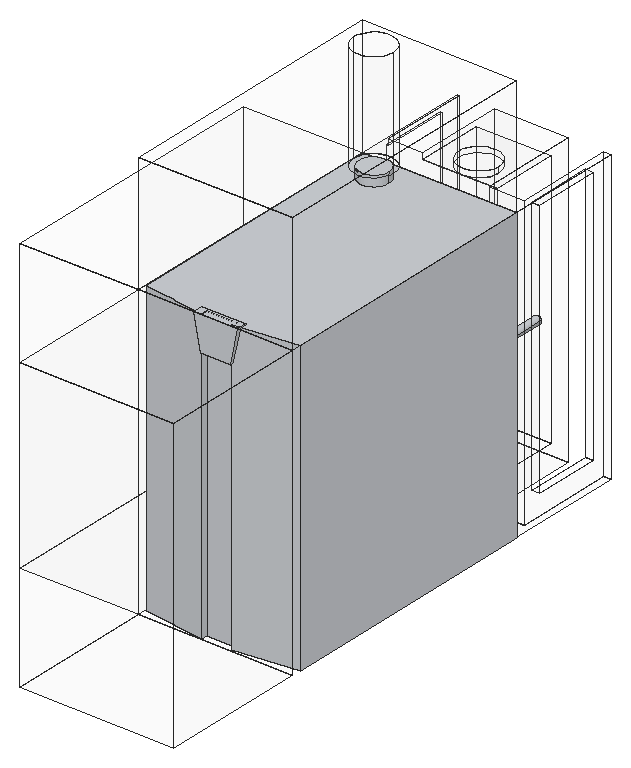
Revit family "Armor X2-2014", category Mechanical Equipment, Revit 2014
Parameters (values of type "AWN1500PM")
  WIDTH = 31"
  Total Amps-Heater and Pumps = "24.7"
  Voltage/Heater = "120"
  Voltage/Control = "24"
  URL = "http://www.lochinvar.com/products/Default.aspx?type=ProductLine&lineID=190"
  Total Amps = "5.5"
  RECOVERY (GPH) = "(based on temperature rise - see product data)"
  Model = "AWN1500PM"
  Manufacturer = "Lochinvar"
  MODEL NO. = "AWN1500PM"
  GALLON CAPACITY = "11.4"
  DEPTH = 56 1/2"
  INPUT RATE (BTUH) = "1,500,000"
  HEIGHT = 58 3/4"
  FUEL TYPE = "NATURAL GAS"
  Description = "ARMOR X2 CONDENSING WATER HEATER"
  Fuel Type = "Natural or LP"
  # of Electrical Connections = "1"
Types (4): name | Total Amps-Heater and Pumps | URL | Model | MODEL NO. | GALLON CAPACITY | DEPTH | INPUT RATE (BTUH)
  (no name) | "24.7" | "http://www.lochinvar.com/products/Default.aspx?type=ProductLine&lineID=190" | "AWN1500PM" | "AWN1500PM" | "11.4" | 56 1/2" | "1,500,000"
  AWN1000PM | "16.9" | "http://www.lochinvar.com/products/Default.aspx?type=ProductLine&lineID=190" | "AWN1000PM" | "AWN1000PM" | "8.4" | 48" | "999,999"
  AWN1300PM | "24.7" | "http://Lochinvar.com" | "AWN1300PM" | "AWN1300PM" | "10.0" | 52 1/4" | "1.300.000"
  AWN1500PM | "24.7" | "http://www.lochinvar.com/products/Default.aspx?type=ProductLine&lineID=190" | "AWN1500PM" | "AWN1500PM" | "11.4" | 56 1/2" | "1,500,000"
Reference planes (in)
  plane 1 "Center (Front/Back)": y = 4
  plane 2: z = 0
  plane 3 "Center (Left/Right)": x = 0
  plane 4 "Right": x = 15.5
  plane 5 "Left": x = -15.5
  plane 6 "Back": y = 30.125
  plane 7 "Front": y = -26.375
  plane 8 "Top": z = 58.75
  plane 9 "Front Clearance": y = -56.375
  plane 10 "Back Clearance": y = 54.125
  plane 11 "Left Clearance": x = -39.5
  plane 12: z = 58.25
Forms (in)
  Extrusion 1, solid
    sketch origin (-13.6652, 0, 0) x (1, 0, 0) y (0, 1, 0)
      loop
        line (-1.8348, 30.125) -> (-1.8348, -26.375) -> (29.1652, -26.375) -> (29.1652, 30.125) -> (-1.8348, 30.125)
    from 0 to 58.75
  Extrusion 2, solid
    sketch origin (0, 30.125, -8.09398) x (1, 0, 0) y (0, 0, 1)
      loop
        circle (-9.6544, 52.84398) r 1.25
    from 0 to -6
  Extrusion 3, solid
    sketch origin (0, 30.125, -32.34398) x (1, 0, 0) y (0, 0, 1)
      loop
        circle (-9.6544, 52.84398) r 1.25
    from 0 to -6
  Extrusion 4, solid
    sketch origin (-3, 30.125, -20.09398) x (1, 0, 0) y (0, 0, 1)
      loop
        circle (-9.6544, 52.84398) r 1.5
    from 0 to -6
  Extrusion 5, solid
    sketch origin (-3.0956, 30.125, -47) x (1, 0, 0) y (0, 0, 1)
      loop
        circle (-8.9044, 52.5) r 0.375
    from 0 to -6
  Sweep 6, solid
    path origin (0, 0, 0) x (0, 1, 0) y (0, 0, 1)
      loop
        line (30.125, 12) -> (34, 12)
        arc (34, 12) -> (38.24264, 13.75736) -> (40, 18) r 6
        line (40, 18) -> (40, 49)
    profile origin (0, 32.0625, 12) x (0, 0, 1) y (1, 0, 0)
      loop
        circle (0, 0) r 3
  Extrusion 7, solid
    sketch origin (-48, 30.125, 0) x (1, 0, 0) y (0, 0, 1)
      loop
        line (62, 54.575) -> (56.93958, 54.575) -> (56.93958, 46.3305) -> (62, 46.3305) -> (62, 54.575)
    from 0 to -2
  Extrusion 8, solid
    sketch origin (-48, 30.125, -10.7445) x (1, 0, 0) y (0, 0, 1)
      loop
        line (62, 54.575) -> (56.93958, 54.575) -> (56.93958, 46.3305) -> (62, 46.3305) -> (62, 54.575)
    from 0 to -2
  Extrusion 9, solid
    sketch origin (21.44346, 30.125, -19.0473) x (1, 0, 0) y (0, 0, 1)
      loop
        circle (-9.7169, 52.84398) r 0.75
    from 0 to -9.96927
  Extrusion 10, solid
    sketch origin (6.25, -5, 58.75) x (-1, 0, 0) y (0, -1, 0)
      loop
        circle (15.5, -30.125) r 3
    from 0 to 2
  Sweep 11, solid
    path origin (0, 0, 0) x (0, 1, 0) y (0, 0, 1)
      loop
        line (30.125, 36) -> (40.125, 36)
    profile origin (0, 35.125, 36) x (0, 0, 1) y (1, 0, 0)
      loop
        circle (0, 0) r 3
  Extrusion 12, solid, not visible
    sketch origin (-13.6652, 0, 0) x (1, 0, 0) y (0, 1, 0)
      loop
        line (-1.8348, 30.125) -> (-1.8348, -17.875) -> (29.1652, -17.875) -> (29.1652, 30.125) -> (-1.8348, 30.125)
    from 0 to 58.75
  Extrusion 13, solid, not visible
    sketch origin (0, 30.125, -8.09398) x (1, 0, 0) y (0, 0, 1)
      loop
        circle (-9.6544, 52.84398) r 1.25
    from 0 to -6
  Extrusion 14, solid, not visible
    sketch origin (0, 30.125, -32.34398) x (1, 0, 0) y (0, 0, 1)
      loop
        circle (-9.6544, 52.84398) r 1.25
    from 0 to -6
  Extrusion 15, solid, not visible
    sketch origin (-3, 30.125, -20.09398) x (1, 0, 0) y (0, 0, 1)
      loop
        circle (-9.6544, 52.84398) r 1.5
    from 0 to -6
  Extrusion 16, solid, not visible
    sketch origin (-3.0956, 30.125, -47) x (1, 0, 0) y (0, 0, 1)
      loop
        circle (-9.6544, 52.84398) r 0.375
    from 0 to -3
  Sweep 17, solid, not visible
    path origin (0, 0, 0) x (0, 1, 0) y (0, 0, 1)
      loop
        line (30.125, 12) -> (34, 12)
        arc (34, 12) -> (38.24264, 13.75736) -> (40, 18) r 6
        line (40, 18) -> (40, 49)
    profile origin (0, 32.0625, 12) x (0, 0, 1) y (1, 0, 0)
      loop
        circle (0, 0) r 3
  Extrusion 18, solid, not visible
    sketch origin (-48, 30.125, 0) x (1, 0, 0) y (0, 0, 1)
      loop
        line (62, 54.575) -> (56.93958, 54.575) -> (56.93958, 46.3305) -> (62, 46.3305) -> (62, 54.575)
    from 0 to -2
  Extrusion 19, solid, not visible
    sketch origin (-48, 30.125, -10.7445) x (1, 0, 0) y (0, 0, 1)
      loop
        line (62, 54.575) -> (56.93958, 54.575) -> (56.93958, 46.3305) -> (62, 46.3305) -> (62, 54.575)
    from 0 to -2
  Extrusion 20, solid, not visible
    sketch origin (21.44346, 30.125, -19.0473) x (1, 0, 0) y (0, 0, 1)
      loop
        circle (-9.7169, 52.84398) r 0.75
    from 0 to -9.96927
  Extrusion 21, solid, not visible
    sketch origin (6.25, -5, 58.75) x (-1, 0, 0) y (0, -1, 0)
      loop
        circle (15.5, -30.125) r 3
    from 0 to 2
  Sweep 22, solid, not visible
    path origin (0, 0, 0) x (0, 1, 0) y (0, 0, 1)
      loop
        line (30.125, 36) -> (40.125, 36)
    profile origin (0, 35.125, 36) x (0, 0, 1) y (1, 0, 0)
      loop
        circle (0, 0) r 3
  Extrusion 23, solid, material "Clearance"
    sketch origin (-37.6652, 0, 0) x (1, 0, 0) y (0, 1, 0)
      loop
        line (-1.8348, 30.125) -> (-1.8348, -26.375) -> (22.1652, -26.375) -> (22.1652, 30.125) -> (-1.8348, 30.125)
    from 0 to 58.75
  Extrusion 24, solid, material "Clearance"
    sketch origin (-13.6652, -48, 0) x (1, 0, 0) y (0, 1, 0)
      loop
        line (-1.8348, 21.625) -> (-1.8348, -8.375) -> (29.1652, -8.375) -> (29.1652, 21.625) -> (-1.8348, 21.625)
    from 0 to 58.75
  Extrusion 25, solid, material "Clearance"
    sketch origin (-13.6652, 30, 0) x (1, 0, 0) y (0, 1, 0)
      loop
        line (-1.8348, 24.125) -> (-1.8348, 0.125) -> (29.1652, 0.125) -> (29.1652, 24.125) -> (-1.8348, 24.125)
    from 0 to 58.75
  Extrusion 26, solid, material "Clearance"
    sketch origin (0, 0, 58.75) x (-1, 0, 0) y (0, -1, 0)
      loop
        line (15.5, -30.125) -> (15.5, 26.375) -> (-15.5, 26.375) -> (-15.5, -30.125) -> (15.5, -30.125)
    from 0 to 24
  Extrusion 27, void
    sketch origin (0, 0, 58.75) x (-1, 0, 0) y (0, -1, 0)
      loop
        circle (9.25, -25.125) r 4
    from 2 to 24
  Extrusion 28, void
    sketch origin (0, 30.125, 0) x (1, 0, 0) y (0, 0, 1)
      loop
        line (-8.10875, 58.75) -> (-15.10875, 58.75) -> (-15.10875, 0) -> (-8.10875, 0) -> (-8.10875, 58.75)
    from -6 to -24
  Extrusion 29, void
    sketch origin (22, 30.125, 0) x (1, 0, 0) y (0, 0, 1)
      loop
        line (-8.10875, 58.75) -> (-15.10875, 58.75) -> (-15.10875, 0) -> (-8.10875, 0) -> (-8.10875, 58.75)
    from -4 to -24
  Extrusion 30, void
    sketch origin (0, 0, 0) x (0, 1, 0) y (0, 0, 1)
      loop
        line (49.7432, 57.53356) -> (36.125, 57.53356) -> (36.125, 5.38497) -> (49.7432, 5.38497) -> (49.7432, 57.53356)
    from -15.5 to 15.5
  Extrusion 31, void
    sketch origin (0, 0, 58.75) x (-1, 0, 0) y (0, -1, 0)
      loop
        circle (0, -40.125) r 4
    from 0 to -9.75
  Extrusion 32, void
    sketch origin (0, 0, 58.75) x (-1, 0, 0) y (0, -1, 0)
      loop
        line (-15.5, 26.375) -> (-15.5, 24.375) -> (0, 26.375) -> (-15.5, 26.375)
    from 0 to -58.75
  Extrusion 33, void
    sketch origin (0, 0, 58.75) x (-1, 0, 0) y (0, -1, 0)
      loop
        line (15.5, 26.375) -> (0, 26.375) -> (15.5, 24.375) -> (15.5, 26.375)
    from 0 to -58.75
  Extrusion 34, void
    sketch origin (0, 0, 58.75) x (-1, 0, 0) y (0, -1, 0)
      loop
        line (3.03012, 26.375) -> (-3, 26.375) -> (-3, 24.875) -> (3.03012, 24.875) -> (3.03012, 26.375)
    from 0 to -58.75
  Extrusion 35, solid
    sketch origin (0, -26.375, 0) x (1, 0, 0) y (0, 0, 1)
      loop
        line (-4.5, 58.75) -> (-3, 51.75) -> (3, 51.75) -> (4.5, 58.75) -> (-4.5, 58.75)
    from 0 to -2
Cuts and joins
  Extrusion 27, Extrusion 32, Extrusion 33, Extrusion 34 cuts Extrusion 1
  Extrusion 27 cuts Extrusion 10
  Extrusion 27, Extrusion 32, Extrusion 33, Extrusion 34 cuts Extrusion 26
  Extrusion 28, Extrusion 29 cuts Extrusion 2
  Extrusion 28, Extrusion 29 cuts Extrusion 3
  Extrusion 28, Extrusion 29 cuts Extrusion 4
  Extrusion 28, Extrusion 29, Extrusion 30, Extrusion 31 cuts Extrusion 25
  Extrusion 32, Extrusion 33, Extrusion 34 cuts Extrusion 24
  Extrusion 33 cuts Extrusion 23
Lines and regions (in)
  symbolic lines, style "Clearance"
    curve 1: line (-15.5, 30.125, 0) -> (-39.5, 30.125, 0)
    curve 2: line (-39.5, 30.125, 0) -> (-39.5, -26.375, 0)
    curve 3: line (-39.5, -26.375, 0) -> (-15.5, -26.375, 0)
    curve 4: line (-15.5, 30.125, 0) -> (-15.5, 54.125, 0)
    curve 5: line (-15.5, 54.125, 0) -> (15.5, 54.125, 0)
    curve 6: line (15.5, 54.125, 0) -> (15.5, 30.125, 0)
    curve 7: line (-15.5, -26.375, 0) -> (-15.5, -56.375, 0)
    curve 8: line (-15.5, -56.375, 0) -> (15.5, -56.375, 0)
    curve 9: line (15.5, -56.375, 0) -> (15.5, -26.375, 0)
Dimensions and locks (in)
  equal spacing: plane 5 "Left", plane 3 "Center (Left/Right)", plane 4 "Right"
  "WIDTH": plane 5 "Left" to plane 4 "Right"
  "DEPTH": plane 7 "Front" to plane 6 "Back"
  "HEIGHT": plane 8 "Top" to level
  level to Extrusion 3 = 20 1/2"
  level to Extrusion 4 = 32 3/4"
  Extrusion 1 to Extrusion 2 = 44 3/4"
  locked: Extrusion 1 to Extrusion 10 at 5
  locked: plane 9 "Front Clearance" to plane 7 "Front" at 30
  locked: plane 11 "Left Clearance" to curve 7 at 24
  locked: plane 6 "Back" to plane 10 "Back Clearance" at 24
  Extrusion 25 to Extrusion 5 sketch curve = 5 1/2"
  Extrusion 25 to Extrusion 5 sketch curve = 3 1/2"
  Extrusion 24 to Extrusion 7 = 4.175"
  locked: Extrusion 26 to plane 8 "Top" at 24
  aligned and locked: plane 7 "Front" to Extrusion 1
  aligned and locked: Extrusion 1 to plane 6 "Back"
  aligned and locked: Extrusion 1 to plane 5 "Left"
  aligned and locked: plane 4 "Right" to Extrusion 1
  aligned and locked: plane 8 "Top" to Extrusion 1
  aligned and locked: Extrusion 1 to level
  aligned and locked: Extrusion 1 to Extrusion 10
  aligned and locked: curve 1 to plane 6 "Back"
  aligned and locked: curve 2 to plane 11 "Left Clearance"
  aligned and locked: plane 7 "Front" to curve 3
  aligned and locked: plane 10 "Back Clearance" to curve 5
  aligned and locked: plane 5 "Left" to curve 4
  aligned and locked: curve 6 to plane 4 "Right"
  aligned and locked: plane 9 "Front Clearance" to curve 8
  aligned and locked: plane 4 "Right" to curve 9
  aligned and locked: Extrusion 26 sketch curve to Extrusion 1  (x4)
  aligned and locked: Extrusion 26 to plane 8 "Top"
  aligned and locked: plane 7 "Front" to Extrusion 32
  aligned and locked: plane 4 "Right" to Extrusion 32
  aligned and locked: plane 7 "Front" to Extrusion 33
  aligned and locked: Extrusion 33 to plane 5 "Left"
  aligned and locked: Extrusion 32 to level
  aligned and locked: Extrusion 33 to level
  aligned and locked: Extrusion 1 to Extrusion 34  (x2)
  aligned and locked: Extrusion 34 to level
  aligned and locked: plane 8 "Top" to Extrusion 35
  aligned and locked: plane 7 "Front" to Extrusion 35
Automatic sketch dimensions
  Sweep 17 sketch curve to Sweep 17 sketch curve = 6"
  Sweep 17 sketch curve to profile plane = 0"  (x2)
  Extrusion 19 sketch curve to Extrusion 19 sketch curve = 8.2445"
  Sweep 22 sketch curve to profile plane = 0"  (x2)
  Extrusion 12 sketch curve to Extrusion 12 sketch curve = 31"
  Extrusion 12 sketch curve to Extrusion 12 sketch curve = 48"
  Sweep 17 sketch curve to Sweep 17 sketch curve = 3 7/8"
  Sweep 17 sketch curve to Sweep 17 sketch curve = 31"
  Extrusion 18 sketch curve to Extrusion 18 sketch curve = 5.06042"
  Extrusion 18 sketch curve to Extrusion 18 sketch curve = 8.2445"
  Extrusion 19 sketch curve to Extrusion 19 sketch curve = 5.06042"
  Sweep 22 sketch curve to Sweep 22 sketch curve = 10"
  plane 7 "Front" to curve 9 = 0"
  plane 6 "Back" to curve 6 = 0"
  Extrusion 1 sketch curve to plane 5 "Left" = 0"
  Extrusion 1 sketch curve to plane 4 "Right" = 0"
  plane 7 "Front" to Extrusion 1 sketch curve = 0"
  plane 6 "Back" to Extrusion 1 sketch curve = 0"
  plane 5 "Left" to Extrusion 2 sketch curve = 5.8456"
  Extrusion 2 sketch curve to plane 8 "Top" = 14"
  plane 5 "Left" to Extrusion 3 sketch curve = 5.8456"
  level to Extrusion 3 sketch curve = 20 1/2"
  plane 5 "Left" to Extrusion 4 sketch curve = 2.8456"
  Extrusion 4 sketch curve to plane 8 "Top" = 26"
  Sweep 6 sketch curve to plane 6 "Back" = 0"
  Sweep 6 sketch curve to plane 6 "Back" = 3 7/8"
  Sweep 6 sketch curve to Sweep 6 sketch curve = 6"
  level to Sweep 6 sketch curve = 12"
  Sweep 6 sketch curve to plane 8 "Top" = 9 3/4"
  Sweep 6 sketch curve to plane 3 "Center (Left/Right)" = 0"
  Sweep 6 sketch curve to profile plane = 0"
  Extrusion 7 sketch curve to plane 4 "Right" = 6.56042"
  Extrusion 7 sketch curve to plane 4 "Right" = 1 1/2"
  Extrusion 7 sketch curve to plane 8 "Top" = 12.4195"
  Extrusion 7 sketch curve to plane 8 "Top" = 4.175"
  Extrusion 8 sketch curve to plane 4 "Right" = 6.56042"
  Extrusion 8 sketch curve to plane 4 "Right" = 1 1/2"
  Extrusion 8 sketch curve to plane 8 "Top" = 23.164"
  Extrusion 8 sketch curve to Extrusion 8 sketch curve = 8.2445"
  Extrusion 9 sketch curve to plane 4 "Right" = 3 99/128"
  Extrusion 9 sketch curve to plane 8 "Top" = 24.95332"
  plane 5 "Left" to Extrusion 10 sketch curve = 6 1/4"
  plane 6 "Back" to Extrusion 10 sketch curve = 5"
  Sweep 11 sketch curve to plane 6 "Back" = 0"
  Sweep 11 sketch curve to plane 6 "Back" = 10"
  Sweep 11 sketch curve to plane 8 "Top" = 22 3/4"
  Sweep 11 sketch curve to plane 3 "Center (Left/Right)" = 0"
  Sweep 11 sketch curve to profile plane = 0"
  plane 7 "Front" to Extrusion 23 sketch curve = 0"
  Extrusion 23 sketch curve to plane 11 "Left Clearance" = 0"
  Extrusion 23 sketch curve to plane 5 "Left" = 0"
  plane 6 "Back" to Extrusion 23 sketch curve = 0"
  Extrusion 24 sketch curve to plane 5 "Left" = 0"
  Extrusion 24 sketch curve to plane 4 "Right" = 0"
  plane 9 "Front Clearance" to Extrusion 24 sketch curve = 0"
  plane 7 "Front" to Extrusion 24 sketch curve = 0"
  Extrusion 25 sketch curve to plane 5 "Left" = 0"
  Extrusion 25 sketch curve to plane 4 "Right" = 0"
  plane 6 "Back" to Extrusion 25 sketch curve = 0"
  plane 10 "Back Clearance" to Extrusion 25 sketch curve = 0"
  plane 5 "Left" to Extrusion 27 sketch curve = 6 1/4"
  plane 6 "Back" to Extrusion 27 sketch curve = 5"
  Extrusion 28 sketch curve to plane 8 "Top" = 0"
  plane 5 "Left" to Extrusion 28 sketch curve = 0.39125"
  level to Extrusion 28 sketch curve = 0"
  Extrusion 28 sketch curve to Extrusion 28 sketch curve = 7"
  Extrusion 29 sketch curve to plane 8 "Top" = 0"
  plane 3 "Center (Left/Right)" to Extrusion 29 sketch curve = 6.89125"
  Extrusion 29 sketch curve to plane 4 "Right" = 1.60875"
  level to Extrusion 29 sketch curve = 0"
  plane 10 "Back Clearance" to Extrusion 30 sketch curve = 18"
  plane 10 "Back Clearance" to Extrusion 30 sketch curve = 4.3818"
  level to Extrusion 30 sketch curve = 5.38497"
  Extrusion 30 sketch curve to plane 8 "Top" = 1.21644"
  Extrusion 31 sketch curve to plane 3 "Center (Left/Right)" = 0"
  Extrusion 31 sketch curve to plane 6 "Back" = 10"
  Extrusion 32 sketch curve to plane 4 "Right" = 0"
  Extrusion 32 sketch curve to plane 3 "Center (Left/Right)" = 0"
  plane 7 "Front" to Extrusion 32 sketch curve = 0"
  Extrusion 32 sketch curve to Extrusion 32 sketch curve = 2"
  Extrusion 33 sketch curve to plane 3 "Center (Left/Right)" = 0"
  Extrusion 33 sketch curve to plane 5 "Left" = 0"
  plane 7 "Front" to Extrusion 33 sketch curve = 0"
  Extrusion 33 sketch curve to Extrusion 33 sketch curve = 2"
  plane 7 "Front" to Extrusion 34 sketch curve = 0"
  plane 3 "Center (Left/Right)" to Extrusion 34 sketch curve = 3"
  Extrusion 34 sketch curve to plane 3 "Center (Left/Right)" = 3.03012"
  Extrusion 34 sketch curve to Extrusion 34 sketch curve = 1 1/2"
  Extrusion 35 sketch curve to plane 8 "Top" = 0"
  Extrusion 35 sketch curve to plane 3 "Center (Left/Right)" = 4 1/2"
  Extrusion 35 sketch curve to plane 3 "Center (Left/Right)" = 3"
  plane 3 "Center (Left/Right)" to Extrusion 35 sketch curve = 3"
  plane 3 "Center (Left/Right)" to Extrusion 35 sketch curve = 4 1/2"
  Extrusion 35 sketch curve to plane 12 = 6 1/2"
  radius of Extrusion 13 sketch curve = 1 1/4"
  radius of Extrusion 14 sketch curve = 1 1/4"
  radius of Extrusion 15 sketch curve = 1 1/2"
  radius of Extrusion 16 sketch curve = 3/8"
  radius of Sweep 17 sketch curve = 3"
  radius of Extrusion 20 sketch curve = 3/4"
  radius of Extrusion 21 sketch curve = 3"
  radius of Sweep 22 sketch curve = 3"
  radius of Extrusion 2 sketch curve = 1 1/4"
  radius of Extrusion 3 sketch curve = 1 1/4"
  radius of Extrusion 4 sketch curve = 1 1/2"
  radius of Extrusion 5 sketch curve = 3/8"
  radius of Sweep 6 sketch curve = 3"
  radius of Extrusion 9 sketch curve = 3/4"
  radius of Extrusion 10 sketch curve = 3"
  radius of Sweep 11 sketch curve = 3"
  radius of Extrusion 27 sketch curve = 4"
  radius of Extrusion 31 sketch curve = 4"
Connectors (in)
  piping at (-9.6544, 36.125, 44.75), diameter 2.5
    settings: on Extrusion 2, index 10, connector inside diameter 2 1/2", connector length 0", flow factor 0, pipe flow 0 GPM, pressure drop 0.00 psi, fitting loss kfactor 0, connector angle 0.00°, fixture units 0, engagement length 0", angle of deflection 0.00°, flow configuration 0, flow direction 1, fitting loss method 0, system type 20, joint type 0, gender type 0, connector reference index -1, connector utility 0, adjustable connector no, is connector primary yes, connector description "Cold Water Inlet"
  piping at (-9.6544, 36.125, 44.75), diameter 2.5
    settings: on Extrusion 2, index 11, connector inside diameter 2 1/2", connector length 0", flow factor 0, pipe flow 0 GPM, pressure drop 0.00 psi, fitting loss kfactor 0, connector angle 0.00°, fixture units 0, engagement length 0", angle of deflection 0.00°, flow configuration 0, flow direction 1, fitting loss method 0, system type 20, joint type 0, gender type 0, connector reference index -1, connector utility 0, adjustable connector no, is connector primary no, connector description ""
  piping at (-9.6544, 36.125, 44.75), diameter 2.5
    settings: on Extrusion 2, index 12, connector inside diameter 2 1/2", connector length 0", flow factor 0, pipe flow 0 GPM, pressure drop 0.00 psi, fitting loss kfactor 0, connector angle 0.00°, fixture units 0, engagement length 0", angle of deflection 0.00°, flow configuration 0, flow direction 1, fitting loss method 0, system type 20, joint type 0, gender type 0, connector reference index -1, connector utility 0, adjustable connector no, is connector primary no, connector description ""
  piping at (-9.6544, 36.125, 20.5), diameter 2.5
    settings: on Extrusion 3, index 13, connector inside diameter 2 1/2", connector length 0", flow factor 0, pipe flow 0 GPM, pressure drop 0.00 psi, fitting loss kfactor 0, connector angle 0.00°, fixture units 0, engagement length 0", angle of deflection 0.00°, flow configuration 0, flow direction 1, fitting loss method 0, system type 20, joint type 0, gender type 0, connector reference index -1, connector utility 0, adjustable connector no, is connector primary no, connector description "Cold Water Inlet"
  piping at (-12.6544, 36.125, 32.75), diameter 3
    settings: on Extrusion 4, index 14, connector inside diameter 3", connector length 0", flow factor 0, pipe flow 0 GPM, pressure drop 0.00 psi, fitting loss kfactor 0, connector angle 0.00°, fixture units 0, engagement length 0", angle of deflection 0.00°, flow configuration 0, flow direction 2, fitting loss method 0, system type 19, joint type 0, gender type 0, connector reference index -1, connector utility 0, adjustable connector no, is connector primary no, connector description "Hot Water Outlet"
  piping at (-12, 36.125, 5.5), diameter 0.75
    settings: on Extrusion 5, index 15, connector inside diameter 3/4", connector length 0", flow factor 0, pipe flow 0 GPM, pressure drop 0.00 psi, fitting loss kfactor 0, connector angle 0.00°, fixture units 0, engagement length 0", angle of deflection 0.00°, flow configuration 0, flow direction 2, fitting loss method 0, system type 22, joint type 0, gender type 0, connector reference index -1, connector utility 0, adjustable connector no, is connector primary no, connector description "Condensate Drain"
  piping at (11.72656, 40.09427, 33.79668), diameter 1.5
    settings: on Extrusion 9, index 16, connector inside diameter 1 1/2", connector length 0", flow factor 0, pipe flow 0 GPM, pressure drop 0.00 psi, fitting loss kfactor 0, connector angle 0.00°, fixture units 0, engagement length 0", angle of deflection 0.00°, flow configuration 0, flow direction 1, fitting loss method 0, system type 22, joint type 0, gender type 0, connector reference index -1, connector utility 0, adjustable connector no, is connector primary no, connector description "Gas Supply"
  hvac at (0, 40, 49)
    settings: on Sweep 6, index 17, duct flow 0 CFM, flow factor 0, pres drop 0.00 in-wg, loss coef 0, conn angle 0.00°, conn width 12", conn height 12", conn diameter 6", duct sys type 3, conn prof type 0, flow config 0, flow direction 2, loss method 0, conn ref index -1, conn util no, is conn primary yes, conn desc ""
  hvac at (-9.25, 25.125, 60.75)
    settings: on Extrusion 10, index 18, duct flow 0 CFM, flow factor 0, pres drop 0.00 in-wg, loss coef 0, conn angle 0.00°, conn width 12", conn height 12", conn diameter 6", duct sys type 1, conn prof type 0, flow config 0, flow direction 1, loss method 0, conn ref index -1, conn util no, is conn primary no, conn desc ""
  electrical at (11.46979, 32.125, 50.45275)
    settings: on Extrusion 7, index 19, voltage 0 V, apparent load 0 VA, apparent load phase1 0 VA, apparent load phase2 0 VA, apparent load phase3 0 VA, power factor 1, load classification "Other", number of poles 1, system type 30, power factor state 1, is connector primary yes, connector utility no, sub classification motor no, connector description ""
